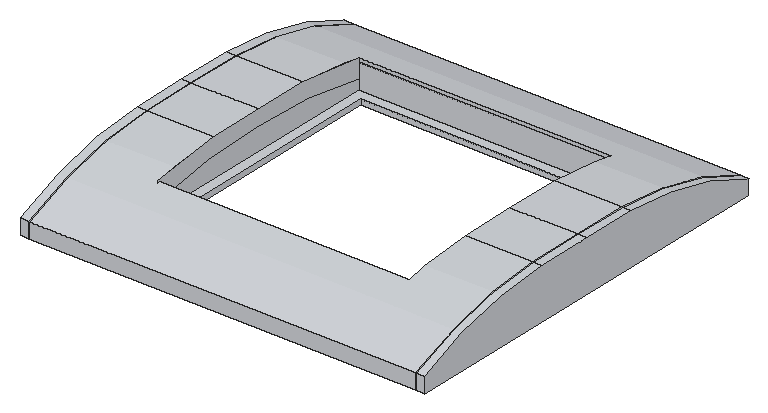
Revit family "Gira_1002763", category Electrical Fixtures, host Face, Revit 2017
Family settings
  Host = Face
  Maintain Annotation Orientation = No
  Round Connector Dimension = Use Diameter
  Part Type = Normal
  Cut with Voids When Loaded = No
  Shared = No
  Room Calculation Point = No
Parameters (values of type "Cov.fr. 2-g w/o cb interm.fr. PW Gira Event Clear brown")
  With mounting grid = "No"
  With hinged lid = "No"
  URL = "http://katalog.gira.de/en/datenblatt.html?artikelnr=1002763"
  Type of fastening = "Clamp mounting"
  Transparent = "No"
  Surface protection = "Other"
  Surface finishing = "Glossy"
  Suitable for wall duct = "No"
  Suitable for flush-mounted installation = "Yes"
  Suitable for floor box = "No"
  Suitable for built-in installation = "No"
  Number of units vertical = "2"
  Number of units horizontal = "2"
  Number of units = "2"
  Name = "Cov.fr. 2-g w/o cb interm.fr. PW Gira Event Clear brown"
  Mounting direction = "Horizontal and vertical"
  Material quality = "Thermoplastic"
  Material = "Plastic"
  Manufacturer URL = "https://www.gira.de/"
  Manufacturer = "Gira"
  Label space/information surface = "No"
  Keynote = ""
  HeinzeBIM = "https://bimportal.heinze.de/bim/cov-fr-2-g-w-o-cb-interm-fr-pw-gira-event-clear-brown/0091b34dd2873372f0a3132b45ab2cf5735b013e"
  Halogen free = "Yes"
  HAN = "1002763"
  GTIN = "4010337070320"
  Description = "Cov.fr.2g w o cb i.fr.PW EvCl BN,Gira Event Clear cover frame,brown with pure white glossy intermediate frame,2-gang without crossbar,Features:,- Shatter-proof."
  Degree of protection (IP) = "IP20"
  Default Elevation = 1219.2 mm
  Data sheet (1) = "https://katalog.gira.de/en/download.html?artikelnr=1002763"
  Colour = "Brown"
  Category = "Cover frame for domestic switching devices"
  BIM (1) = "https://media.stage.bim.site/public/gira/36a6b08/Event_Rahmen_2fach o.Mittelsteg.rfa?public/gira/36a6b08/Event_Rahmen_2fach o.Mittelsteg.rfa"
  Available = "No"
Reference planes
  plane 1 "Center (Front/Back)": y = 0
  plane 2: z = 0
  plane 3 "Center (Left/Right)": x = 0
Forms (mm)
  Extrusion 1, solid, detail levels fine
    sketch origin (0, 0, 1.55) x (0, 1, 0) y (0, 0, 1)
      loop
        arc (12.445, 9.683) -> (6.223, 9.833) -> (0, 9.85) r 291.636
        arc (0, 9.85) -> (-6.223, 9.833) -> (-12.445, 9.683) r 291.636
        arc (-12.445, 9.683) -> (-29.14, 7.482) -> (-45, 1.823) r 79.728
        line (-45, 1.823) -> (-45, -1.55) -> (-41.777, -1.55) -> (-41.777, -0.55)
        arc (-41.777, -0.55) -> (-21.205, 4.846) -> (0, 6.467) r 118.15
        arc (0, 6.467) -> (21.205, 4.846) -> (41.777, -0.55) r 118.15
        line (41.777, -0.55) -> (41.777, -1.55) -> (45, -1.55) -> (45, 1.823)
        arc (45, 1.823) -> (29.14, 7.482) -> (12.445, 9.683) r 79.728
    from -43 to 43
  Extrusion 2, void, detail levels fine
    sketch origin (0, 0, 0) x (1, 0, 0) y (0, 1, 0)
      loop
        line (-28, -28) -> (28, -28) -> (28, 28) -> (-28, 28) -> (-28, -28)
    from 2.85 to 12
  Extrusion 3, solid, detail levels coarse
    sketch origin (0, 0, 0) x (1, 0, 0) y (0, 1, 0)
      loop
        line (-45, 45) -> (-45, -45) -> (45, -45) -> (45, 45) -> (-45, 45)
    from 0 to 11.4
  Extrusion 4, solid, detail levels medium
    sketch origin (0, 0, 1.55) x (0, 1, 0) y (0, 0, 1)
      loop
        arc (12.445, 9.683) -> (6.223, 9.833) -> (0, 9.85) r 291.636
        arc (0, 9.85) -> (-6.223, 9.833) -> (-12.445, 9.683) r 291.636
        arc (-12.445, 9.683) -> (-29.14, 7.482) -> (-45, 1.823) r 79.728
        line (-45, 1.823) -> (-45, -1.55) -> (45, -1.55) -> (45, 1.823)
        arc (45, 1.823) -> (29.14, 7.482) -> (12.445, 9.683) r 79.728
    from -45 to 45
  Extrusion 5, solid, detail levels fine
    sketch origin (0, 0, 0) x (0, 1, 0) y (0, 0, 1)
      loop
        arc (45, 3.373) -> (29.14, 9.032) -> (12.445, 11.233) r 79.728
        arc (12.445, 11.233) -> (6.223, 11.383) -> (0, 11.4) r 291.636
        arc (0, 11.4) -> (-6.223, 11.383) -> (-12.445, 11.233) r 291.636
        arc (-12.445, 11.233) -> (-29.14, 9.032) -> (-45, 3.373) r 79.728
        line (-45, 3.373) -> (-45, 0) -> (45, 0) -> (45, 3.373)
    from 43 to 45
  Extrusion 6, solid, detail levels fine
    sketch origin (0, 0, 0) x (0, 1, 0) y (0, 0, -1)
      loop
        line (45, -3.373) -> (45, 0) -> (-45, 0) -> (-45, -3.373)
        arc (-45, -3.373) -> (-29.14, -9.032) -> (-12.445, -11.233) r 79.728
        arc (-12.445, -11.233) -> (-6.223, -11.383) -> (0, -11.4) r 291.636
        arc (0, -11.4) -> (6.223, -11.383) -> (12.445, -11.233) r 291.636
        arc (12.445, -11.233) -> (29.14, -9.032) -> (45, -3.373) r 79.728
    from 43 to 45
  Extrusion 7, solid, detail levels fine
    sketch origin (0, 0, 0) x (1, 0, 0) y (0, 1, 0)
      loop
        line (-25.7, 25.7) -> (-25.7, -25.7) -> (25.7, -25.7) -> (25.7, 25.7) -> (-25.7, 25.7)
      loop
        line (-29.495, 27.895) -> (-29.495, -27.895)
        spline (-29.495, -27.895) -> (-29.486, -28.025) -> (-29.461, -28.154) -> (-29.419, -28.278) -> (-29.361, -28.395) -> (-29.288, -28.504) -> (-29.202, -28.602) -> (-29.104, -28.688) -> (-28.995, -28.761) -> (-28.878, -28.819) -> (-28.754, -28.861) -> (-28.625, -28.886) -> (-28.495, -28.895)
        line (-28.495, -28.895) -> (28.495, -28.895)
        spline (28.495, -28.895) -> (28.625, -28.886) -> (28.754, -28.861) -> (28.878, -28.819) -> (28.995, -28.761) -> (29.104, -28.688) -> (29.202, -28.602) -> (29.288, -28.504) -> (29.361, -28.395) -> (29.419, -28.278) -> (29.461, -28.154) -> (29.486, -28.025) -> (29.495, -27.895)
        line (29.495, -27.895) -> (29.495, 27.895)
        spline (29.495, 27.895) -> (29.486, 28.025) -> (29.461, 28.154) -> (29.419, 28.278) -> (29.361, 28.395) -> (29.288, 28.504) -> (29.202, 28.602) -> (29.104, 28.688) -> (28.995, 28.761) -> (28.878, 28.819) -> (28.754, 28.861) -> (28.625, 28.886) -> (28.495, 28.895)
        line (28.495, 28.895) -> (-28.495, 28.895)
        spline (-28.495, 28.895) -> (-28.625, 28.886) -> (-28.754, 28.861) -> (-28.878, 28.819) -> (-28.995, 28.761) -> (-29.104, 28.688) -> (-29.202, 28.602) -> (-29.288, 28.504) -> (-29.361, 28.395) -> (-29.419, 28.278) -> (-29.461, 28.154) -> (-29.486, 28.025) -> (-29.495, 27.895)
    from 1.673 to 8.5
Cuts and joins
  Extrusion 2 cuts Extrusion 1
  Extrusion 2 cuts Extrusion 7
Dimensions and locks
  aligned and locked: plane 2 to host face
  aligned and locked: level to host face
